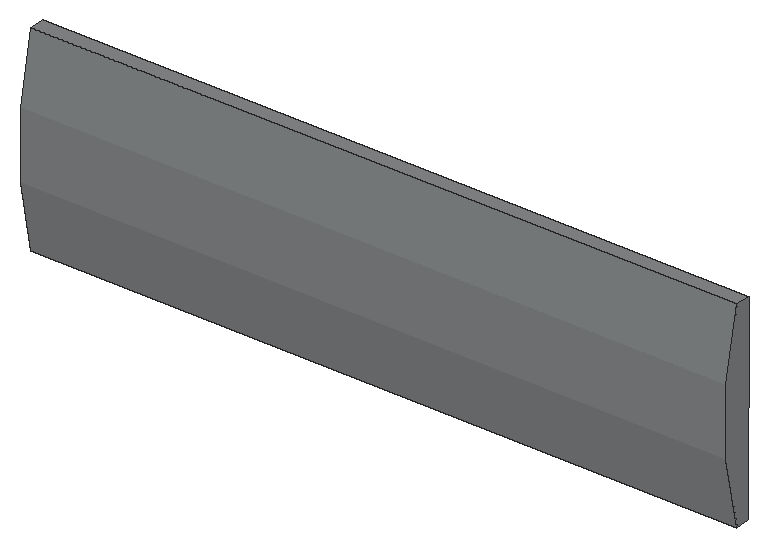
Revit family "Furniture_Chair_Abaco+ 818", category Furniture, Revit 2019
Family settings
  OmniClass Number = 23.21.23.15.17
  Work Plane-Based = Yes
  Always vertical = No
  Cut with Voids When Loaded = No
  Shared = No
  Room Calculation Point = No
Parameters (values of type "Abaco+ 817")
  Youtube clip = ""
  Uniformat II Description = "Movable Furnishings"
  Uniformat II Code = ""
  Uniclass 2015 Name = ""
  Uniclass 2015 Code = ""
  Uniclass 2.0 Description = ""
  Uniclass 2.0 Code = ""
  Uniclass 1.4 Description = ""
  Uniclass 1.4 Code = ""
  UNSPSC Code = ""
  Technical description = ""
  Region South America = "All"
  Region Oceania = "All"
  Region North America = "All"
  Region Middle East = "All"
  Region Europe = "All"
  Region Asia = "All"
  Region Antarctica = "All"
  Region Africa = "All"
  QR code = "https://www.sandlerseating.com/product/abaco-817/"
  Product url = "https://www.sandlerseating.com/product/abaco-817/"
  Product name = "Abaco+ 817"
  Product group = "Chair"
  Product family = "Furniture"
  Product data url = "https://www.sandlerseating.com/product/abaco-817/"
  Product certification = ""
  Product SKU = "??"
  Product Guid = "??"
  OmniClass Description = ""
  OmniClass Code = "23-21 23 15 17"
  NBS Reference Description = ""
  NBS Reference Code = ""
  Model = "Abaco+ 817"
  Masterformat 2014 Description = "Chair Mats"
  Masterformat 2014 Code = "12 48 43.13"
  Manufacturer name = "Sandler"
  Manufacturer country = "USA"
  Manufacturer = "Sandler"
  Installation instructions = ""
  IFC Classification = "Furnishing Element"
  GTIN code = ""
  Edition number = 1
  Design country = "Brasil"
  Description = "Chair"
  Default Elevation = 0.000 mm
  Date of publishing = ""
  COBIe Type Category = ""
  Brand url = "https://www.sandlerseating.com/"
  Back Material = Leather - Positive AK019
  BIMobject main category code = "furniture"
  BIMobject main category = "Furniture"
  BIMobject category code = "furniture-chair"
  BIMobject category = "Chair"
Reference planes
  plane 1 "Center Front/Back": y = 0
  plane 2: z = 0
  plane 3 "Center Left/Right": x = 0
  plane 4: x = 600
  plane 5: x = -600
  plane 6: y = -50
  plane 7: z = 340
Forms (mm)
  Extrusion 1, solid, material "Leather - Positive AK019" <- "Back Material"
    sketch origin (0, 0, 0) x (0, 1, 0) y (0, 0, 1)
      loop
        line (0, 340) -> (-25, 340)
        arc (-25, 340) -> (-50, 170) -> (-25, 0) r 590.5
        line (-25, 0) -> (0, 0) -> (0, 340)
    from -600 to 600
Dimensions and locks
  aligned and locked: level to plane 2
